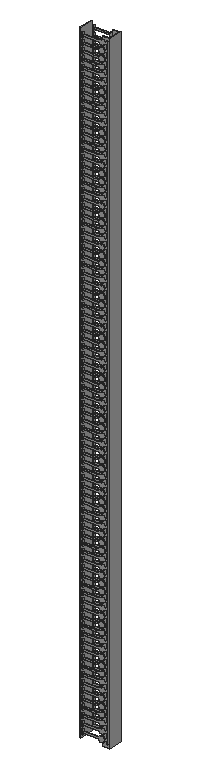
Revit family "ITK by ZPAS_Кабель-органайзер вертикальный_45U", category Обобщенные модели, Revit 2019
Family settings
  Может служить основой для арматурных стержней = Нет
  Размер круглого соединителя = Использовать диаметр
  Тип детали = Нормальный
  На основе рабочей плоскости = Нет
  Всегда вертикально = Да
  При загрузке вырезать с полостями = Нет
  Общий = Нет
  Точка расчета площади = Нет
Parameters (values of type "В1966,9_Серый")
  Ширина = 80 mm  # constant formula
  Степень защиты = ""
  Материал = Окраска - RAL 7035
  Изготовитель = "ITK"  # constant formula
  Дата изменения = ""
  Глубина = 44 mm  # constant formula
  Высота = 1966.9 mm  # constant formula
  Тип монтажа = ""
  URL = "https://www.iek.ru/"
  KSI_CPr_Строительные изделия = "61.1.04.08"  # constant formula
  KSI_CMa_Строительные материалы = "10.03.02.06"  # constant formula
  IEK_Цена за единицу = 16548.28  # constant formula
  IEK_Поиск в таблице имен = ""
  IEK_Описание = "Крепится без инструментов к 19-дюймовым монтажным профилям."
  IEK_URL = "https://www.itk-group.ru/produktsiya/catalog/oborudovanie_telekommunikatsionnoe/kompleksnye_resheniya_dlya_tsod/shkafy_i_aksessuary_dlya_tsod/komplektuyushchie_i_aksessuary_dlya_shkafov_itk_by_zpas/kabelnye_organizatory_itk_by_zpas/itk_by_zpas_kabel_organayzer_vertikalnyy_45u_800mm_seryy"
  ADSK_Примечание = ""
  ADSK_Позиция [instance] = ""
  ADSK_Наименование = "ITK by ZPAS Кабель-органайзер вертикальный 45U 800 серый"
  ADSK_Материал обозначение = ""
  ADSK_Материал наименование = "Листовая сталь"  # constant formula
  ADSK_Масса = 6  # constant formula
  ADSK_Марка = "by ZPAS"  # constant formula
  ADSK_Код изделия = "ZP-CC35-45U-V-0800"
  ADSK_Завод-изготовитель = "IEK"  # constant formula
  ADSK_Единица измерения = "шт"  # constant formula
  ADSK_Группирование = "I. ЩИТЫ И ПУЛЬТЫ"  # constant formula
  ADSK_Версия семейства = "1.0"  # constant formula
  ADSK_Версия Revit = "2019"  # constant formula
  ADSK_URL страницы изделия = "https://www.itk-group.ru/produktsiya/catalog/oborudovanie_telekommunikatsionnoe/kompleksnye_resheniya_dlya_tsod/shkafy_i_aksessuary_dlya_tsod/komplektuyushchie_i_aksessuary_dlya_shkafov_itk_by_zpas/kreplenie_itk_by_zpas/"
Reference planes
  plane 1 "По центру (Вперед/Назад)": y = 0
  plane 2: z = 0
  plane 3 "По центру (Влево/Вправо)": x = 0
  plane 4: z = 2066.9
  plane 5: y = -44.063
  plane 6: x = -45.46
  plane 7: x = 45.46
Forms (mm)
  Extrusion 1, solid, material "Окраска - RAL 7035" <- "Материал", detail levels fine
    sketch origin (20, -38.063, 0) x (1, 0, 0) y (0, 1, 0)
      loop
        line (23.43, 34.085) -> (23.43, -2.022) -> (3.43, -2.022) -> (3.43, -3.968) -> (25.46, -3.968) -> (25.46, 36.032) -> (3.43, 36.032) -> (3.43, 34.085) -> (23.43, 34.085)
      loop
        line (-65.46, 34.085) -> (-65.46, -6) -> (-63.43, -6) -> (-63.43, 38.063) -> (-65.46, 38.063) -> (-65.46, 34.085)
    from 0 to 1966.9 <- "Высота"
  Extrusion 2, solid, material "Условный материал-отделка", detail levels coarse+medium
    sketch origin (0, 0, 0) x (1, 0, 0) y (0, 1, 0)
      loop
        line (-45.46, 0) -> (-45.46, -44.063) -> (45.46, -44.063) -> (45.46, 0) -> (-45.46, 0)
    from 0 to 1966.9 <- "Высота"
  Extrusion 3, solid, material "Окраска - RAL 7035" <- "Материал", detail levels fine
    sketch origin (26.57, -38.063, 0) x (1, 0, 0) y (0, 0, 1)
      loop
        line (-13.537, 1951.9) -> (-63.537, 1951.9) -> (-63.537, 1956.9) -> (-70, 1956.9) -> (-70, 1941.9) -> (-63.537, 1941.9) -> (-63.537, 1946.9) -> (-13.537, 1946.9) -> (-10, 1941.9) -> (0, 1941.9) -> (3.537, 1946.9) -> (10, 1946.9) -> (10, 1929.172) -> (3.537, 1929.172) -> (0, 1934.172) -> (-10, 1934.172) -> (-13.537, 1929.172) -> (-63.537, 1929.172) -> (-63.537, 1934.172) -> (-70, 1934.172) -> (-70, 1919.172) -> (-63.537, 1919.172) -> (-63.537, 1924.172) -> (-13.537, 1924.172) -> (-10, 1919.172) -> (0, 1919.172) -> (3.537, 1924.172) -> (10, 1924.172) -> (10, 1906.444) -> (3.537, 1906.444) -> (0, 1911.444) -> (-10, 1911.444) -> (-13.537, 1906.444) -> (-63.537, 1906.444) -> (-63.537, 1911.444) -> (-70, 1911.444) -> (-70, 1896.444) -> (-63.537, 1896.444) -> (-63.537, 1901.444) -> (-13.537, 1901.444) -> (-10, 1896.444) -> (0, 1896.444) -> (3.537, 1901.444) -> (10, 1901.444) -> (10, 1883.715) -> (3.537, 1883.715) -> (0, 1888.715) -> (-10, 1888.715) -> (-13.537, 1883.715) -> (-63.537, 1883.715) -> (-63.537, 1888.715) -> (-70, 1888.715) -> (-70, 1873.715) -> (-63.537, 1873.715) -> (-63.537, 1878.715) -> (-13.537, 1878.715) -> (-10, 1873.715) -> (0, 1873.715) -> (3.537, 1878.715) -> (10, 1878.715) -> (10, 1860.987) -> (3.537, 1860.987) -> (0, 1865.987) -> (-10, 1865.987) -> (-13.537, 1860.987) -> (-63.537, 1860.987) -> (-63.537, 1865.987) -> (-70, 1865.987) -> (-70, 1850.987) -> (-63.537, 1850.987) -> (-63.537, 1855.987) -> (-13.537, 1855.987) -> (-10, 1850.987) -> (0, 1850.987) -> (3.537, 1855.987) -> (10, 1855.987) -> (10, 1838.259) -> (3.537, 1838.259) -> (0, 1843.259) -> (-10, 1843.259) -> (-13.537, 1838.259) -> (-63.537, 1838.259) -> (-63.537, 1843.259) -> (-70, 1843.259) -> (-70, 1828.259) -> (-63.537, 1828.259) -> (-63.537, 1833.259) -> (-13.537, 1833.259) -> (-10, 1828.259) -> (0, 1828.259) -> (3.537, 1833.259) -> (10, 1833.259) -> (10, 1815.531) -> (3.537, 1815.531) -> (0, 1820.531) -> (-10, 1820.531) -> (-13.537, 1815.531) -> (-63.537, 1815.531) -> (-63.537, 1820.531) -> (-70, 1820.531) -> (-70, 1805.531) -> (-63.537, 1805.531) -> (-63.537, 1810.531) -> (-13.537, 1810.531) -> (-10, 1805.531) -> (0, 1805.531) -> (3.537, 1810.531) -> (10, 1810.531) -> (10, 1792.802) -> (3.537, 1792.802) -> (0, 1797.802) -> (-10, 1797.802) -> (-13.537, 1792.802) -> (-63.537, 1792.802) -> (-63.537, 1797.802) -> (-70, 1797.802) -> (-70, 1782.802) -> (-63.537, 1782.802) -> (-63.537, 1787.802) -> (-13.537, 1787.802) -> (-10, 1782.802) -> (0, 1782.802) -> (3.537, 1787.802) -> (10, 1787.802) -> (10, 1770.074) -> (3.537, 1770.074) -> (0, 1775.074) -> (-10, 1775.074) -> (-13.537, 1770.074) -> (-63.537, 1770.074) -> (-63.537, 1775.074) -> (-70, 1775.074) -> (-70, 1760.074) -> (-63.537, 1760.074) -> (-63.537, 1765.074) -> (-13.537, 1765.074) -> (-10, 1760.074) -> (0, 1760.074) -> (3.537, 1765.074) -> (10, 1765.074) -> (10, 1747.346) -> (3.537, 1747.346) -> (0, 1752.346) -> (-10, 1752.346) -> (-13.537, 1747.346) -> (-63.537, 1747.346) -> (-63.537, 1752.346) -> (-70, 1752.346) -> (-70, 1737.346) -> (-63.537, 1737.346) -> (-63.537, 1742.346) -> (-13.537, 1742.346) -> (-10, 1737.346) -> (0, 1737.346) -> (3.537, 1742.346) -> (10, 1742.346) -> (10, 1724.618) -> (3.537, 1724.618) -> (0, 1729.618) -> (-10, 1729.618) -> (-13.537, 1724.618) -> (-63.537, 1724.618) -> (-63.537, 1729.618) -> (-70, 1729.618) -> (-70, 1714.618) -> (-63.537, 1714.618) -> (-63.537, 1719.618) -> (-13.537, 1719.618) -> (-10, 1714.618) -> (0, 1714.618) -> (3.537, 1719.618) -> (10, 1719.618) -> (10, 1701.889) -> (3.537, 1701.889) -> (0, 1706.889) -> (-10, 1706.889) -> (-13.537, 1701.889) -> (-63.537, 1701.889) -> (-63.537, 1706.889) -> (-70, 1706.889) -> (-70, 1691.889) -> (-63.537, 1691.889) -> (-63.537, 1696.889) -> (-13.537, 1696.889) -> (-10, 1691.889) -> (0, 1691.889) -> (3.537, 1696.889) -> (10, 1696.889) -> (10, 1679.161) -> (3.537, 1679.161) -> (0, 1684.161) -> (-10, 1684.161) -> (-13.537, 1679.161) -> (-63.537, 1679.161) -> (-63.537, 1684.161) -> (-70, 1684.161) -> (-70, 1669.161) -> (-63.537, 1669.161) -> (-63.537, 1674.161) -> (-13.537, 1674.161) -> (-10, 1669.161) -> (0, 1669.161) -> (3.537, 1674.161) -> (10, 1674.161) -> (10, 1656.433) -> (3.537, 1656.433) -> (0, 1661.433) -> (-10, 1661.433) -> (-13.537, 1656.433) -> (-63.537, 1656.433) -> (-63.537, 1661.433) -> (-70, 1661.433) -> (-70, 1646.433) -> (-63.537, 1646.433) -> (-63.537, 1651.433) -> (-13.537, 1651.433) -> (-10, 1646.433) -> (0, 1646.433) -> (3.537, 1651.433) -> (10, 1651.433) -> (10, 1633.705) -> (3.537, 1633.705) -> (0, 1638.705) -> (-10, 1638.705) -> (-13.537, 1633.705) -> (-63.537, 1633.705) -> (-63.537, 1638.705) -> (-70, 1638.705) -> (-70, 1623.705) -> (-63.537, 1623.705) -> (-63.537, 1628.705) -> (-13.537, 1628.705) -> (-10, 1623.705) -> (0, 1623.705) -> (3.537, 1628.705) -> (10, 1628.705) -> (10, 1610.976) -> (3.537, 1610.976) -> (0, 1615.976) -> (-10, 1615.976) -> (-13.537, 1610.976) -> (-63.537, 1610.976) -> (-63.537, 1615.976) -> (-70, 1615.976) -> (-70, 1600.976) -> (-63.537, 1600.976) -> (-63.537, 1605.976) -> (-13.537, 1605.976) -> (-10, 1600.976) -> (0, 1600.976) -> (3.537, 1605.976) -> (10, 1605.976) -> (10, 1588.248) -> (3.537, 1588.248) -> (0, 1593.248) -> (-10, 1593.248) -> (-13.537, 1588.248) -> (-63.537, 1588.248) -> (-63.537, 1593.248) -> (-70, 1593.248) -> (-70, 1578.248) -> (-63.537, 1578.248) -> (-63.537, 1583.248) -> (-13.537, 1583.248) -> (-10, 1578.248) -> (0, 1578.248) -> (3.537, 1583.248) -> (10, 1583.248) -> (10, 1565.52) -> (3.537, 1565.52) -> (0, 1570.52) -> (-10, 1570.52) -> (-13.537, 1565.52) -> (-63.537, 1565.52) -> (-63.537, 1570.52) -> (-70, 1570.52) -> (-70, 1555.52) -> (-63.537, 1555.52) -> (-63.537, 1560.52) -> (-13.537, 1560.52) -> (-10, 1555.52) -> (0, 1555.52) -> (3.537, 1560.52) -> (10, 1560.52) -> (10, 1542.792) -> (3.537, 1542.792) -> (0, 1547.792) -> (-10, 1547.792) -> (-13.537, 1542.792) -> (-63.537, 1542.792) -> (-63.537, 1547.792) -> (-70, 1547.792) -> (-70, 1532.792) -> (-63.537, 1532.792) -> (-63.537, 1537.792) -> (-13.537, 1537.792) -> (-10, 1532.792) -> (0, 1532.792) -> (3.537, 1537.792) -> (10, 1537.792) -> (10, 1520.064) -> (3.537, 1520.064) -> (0, 1525.064) -> (-10, 1525.064) -> (-13.537, 1520.064) -> (-63.537, 1520.064) -> (-63.537, 1525.064) -> (-70, 1525.064) -> (-70, 1510.064) -> (-63.537, 1510.064) -> (-63.537, 1515.064) -> (-13.537, 1515.064) -> (-10, 1510.064) -> (0, 1510.064) -> (3.537, 1515.064) -> (10, 1515.064) -> (10, 1497.335) -> (3.537, 1497.335) -> (0, 1502.335) -> (-10, 1502.335) -> (-13.537, 1497.335) -> (-63.537, 1497.335) -> (-63.537, 1502.335) -> (-70, 1502.335) -> (-70, 1487.335) -> (-63.537, 1487.335) -> (-63.537, 1492.335) -> (-13.537, 1492.335) -> (-10, 1487.335) -> (0, 1487.335) -> (3.537, 1492.335) -> (10, 1492.335) -> (10, 1474.607) -> (3.537, 1474.607) -> (0, 1479.607) -> (-10, 1479.607) -> (-13.537, 1474.607) -> (-63.537, 1474.607) -> (-63.537, 1479.607) -> (-70, 1479.607) -> (-70, 1464.607) -> (-63.537, 1464.607) -> (-63.537, 1469.607) -> (-13.537, 1469.607) -> (-10, 1464.607) -> (0, 1464.607) -> (3.537, 1469.607) -> (10, 1469.607) -> (10, 1451.879) -> (3.537, 1451.879) -> (0, 1456.879) -> (-10, 1456.879) -> (-13.537, 1451.879) -> (-63.537, 1451.879) -> (-63.537, 1456.879) -> (-70, 1456.879) -> (-70, 1441.879) -> (-63.537, 1441.879) -> (-63.537, 1446.879) -> (-13.537, 1446.879) -> (-10, 1441.879) -> (0, 1441.879) -> (3.537, 1446.879) -> (10, 1446.879) -> (10, 1429.151) -> (3.537, 1429.151) -> (0, 1434.151) -> (-10, 1434.151) -> (-13.537, 1429.151) -> (-63.537, 1429.151) -> (-63.537, 1434.151) -> (-70, 1434.151) -> (-70, 1419.151) -> (-63.537, 1419.151) -> (-63.537, 1424.151) -> (-13.537, 1424.151) -> (-10, 1419.151) -> (0, 1419.151) -> (3.537, 1424.151) -> (10, 1424.151) -> (10, 1406.422) -> (3.537, 1406.422) -> (0, 1411.422) -> (-10, 1411.422) -> (-13.537, 1406.422) -> (-63.537, 1406.422) -> (-63.537, 1411.422) -> (-70, 1411.422) -> (-70, 1396.422) -> (-63.537, 1396.422) -> (-63.537, 1401.422) -> (-13.537, 1401.422) -> (-10, 1396.422) -> (0, 1396
          .422) -> (3.537, 1401.422) -> (10, 1401.422) -> (10, 1383.694) -> (3.537, 1383.694) -> (0, 1388.694) -> (-10, 1388.694) -> (-13.537, 1383.694) -> (-63.537, 1383.694) -> (-63.537, 1388.694) -> (-70, 1388.694) -> (-70, 1373.694) -> (-63.537, 1373.694) -> (-63.537, 1378.694) -> (-13.537, 1378.694) -> (-10, 1373.694) -> (0, 1373.694) -> (3.537, 1378.694) -> (10, 1378.694) -> (10, 1360.966) -> (3.537, 1360.966) -> (0, 1365.966) -> (-10, 1365.966) -> (-13.537, 1360.966) -> (-63.537, 1360.966) -> (-63.537, 1365.966) -> (-70, 1365.966) -> (-70, 1350.966) -> (-63.537, 1350.966) -> (-63.537, 1355.966) -> (-13.537, 1355.966) -> (-10, 1350.966) -> (0, 1350.966) -> (3.537, 1355.966) -> (10, 1355.966) -> (10, 1338.238) -> (3.537, 1338.238) -> (0, 1343.238) -> (-10, 1343.238) -> (-13.537, 1338.238) -> (-63.537, 1338.238) -> (-63.537, 1343.238) -> (-70, 1343.238) -> (-70, 1328.238) -> (-63.537, 1328.238) -> (-63.537, 1333.238) -> (-13.537, 1333.238) -> (-10, 1328.238) -> (0, 1328.238) -> (3.537, 1333.238) -> (10, 1333.238) -> (10, 1315.509) -> (3.537, 1315.509) -> (0, 1320.509) -> (-10, 1320.509) -> (-13.537, 1315.509) -> (-63.537, 1315.509) -> (-63.537, 1320.509) -> (-70, 1320.509) -> (-70, 1305.509) -> (-63.537, 1305.509) -> (-63.537, 1310.509) -> (-13.537, 1310.509) -> (-10, 1305.509) -> (0, 1305.509) -> (3.537, 1310.509) -> (10, 1310.509) -> (10, 1292.781) -> (3.537, 1292.781) -> (0, 1297.781) -> (-10, 1297.781) -> (-13.537, 1292.781) -> (-63.537, 1292.781) -> (-63.537, 1297.781) -> (-70, 1297.781) -> (-70, 1282.781) -> (-63.537, 1282.781) -> (-63.537, 1287.781) -> (-13.537, 1287.781) -> (-10, 1282.781) -> (0, 1282.781) -> (3.537, 1287.781) -> (10, 1287.781) -> (10, 1270.053) -> (3.537, 1270.053) -> (0, 1275.053) -> (-10, 1275.053) -> (-13.537, 1270.053) -> (-63.537, 1270.053) -> (-63.537, 1275.053) -> (-70, 1275.053) -> (-70, 1260.053) -> (-63.537, 1260.053) -> (-63.537, 1265.053) -> (-13.537, 1265.053) -> (-10, 1260.053) -> (0, 1260.053) -> (3.537, 1265.053) -> (10, 1265.053) -> (10, 1247.325) -> (3.537, 1247.325) -> (0, 1252.325) -> (-10, 1252.325) -> (-13.537, 1247.325) -> (-63.537, 1247.325) -> (-63.537, 1252.325) -> (-70, 1252.325) -> (-70, 1237.325) -> (-63.537, 1237.325) -> (-63.537, 1242.325) -> (-13.537, 1242.325) -> (-10, 1237.325) -> (0, 1237.325) -> (3.537, 1242.325) -> (10, 1242.325) -> (10, 1224.596) -> (3.537, 1224.596) -> (0, 1229.596) -> (-10, 1229.596) -> (-13.537, 1224.596) -> (-63.537, 1224.596) -> (-63.537, 1229.596) -> (-70, 1229.596) -> (-70, 1214.596) -> (-63.537, 1214.596) -> (-63.537, 1219.596) -> (-13.537, 1219.596) -> (-10, 1214.596) -> (0, 1214.596) -> (3.537, 1219.596) -> (10, 1219.596) -> (10, 1201.868) -> (3.537, 1201.868) -> (0, 1206.868) -> (-10, 1206.868) -> (-13.537, 1201.868) -> (-63.537, 1201.868) -> (-63.537, 1206.868) -> (-70, 1206.868) -> (-70, 1191.868) -> (-63.537, 1191.868) -> (-63.537, 1196.868) -> (-13.537, 1196.868) -> (-10, 1191.868) -> (0, 1191.868) -> (3.537, 1196.868) -> (10, 1196.868) -> (10, 1179.14) -> (3.537, 1179.14) -> (0, 1184.14) -> (-10, 1184.14) -> (-13.537, 1179.14) -> (-63.537, 1179.14) -> (-63.537, 1184.14) -> (-70, 1184.14) -> (-70, 1169.14) -> (-63.537, 1169.14) -> (-63.537, 1174.14) -> (-13.537, 1174.14) -> (-10, 1169.14) -> (0, 1169.14) -> (3.537, 1174.14) -> (10, 1174.14) -> (10, 1156.412) -> (3.537, 1156.412) -> (0, 1161.412) -> (-10, 1161.412) -> (-13.537, 1156.412) -> (-63.537, 1156.412) -> (-63.537, 1161.412) -> (-70, 1161.412) -> (-70, 1146.412) -> (-63.537, 1146.412) -> (-63.537, 1151.412) -> (-13.537, 1151.412) -> (-10, 1146.412) -> (0, 1146.412) -> (3.537, 1151.412) -> (10, 1151.412) -> (10, 1133.684) -> (3.537, 1133.684) -> (0, 1138.684) -> (-10, 1138.684) -> (-13.537, 1133.684) -> (-63.537, 1133.684) -> (-63.537, 1138.684) -> (-70, 1138.684) -> (-70, 1123.684) -> (-63.537, 1123.684) -> (-63.537, 1128.684) -> (-13.537, 1128.684) -> (-10, 1123.684) -> (0, 1123.684) -> (3.537, 1128.684) -> (10, 1128.684) -> (10, 1110.955) -> (3.537, 1110.955) -> (0, 1115.955) -> (-10, 1115.955) -> (-13.537, 1110.955) -> (-63.537, 1110.955) -> (-63.537, 1115.955) -> (-70, 1115.955) -> (-70, 1100.955) -> (-63.537, 1100.955) -> (-63.537, 1105.955) -> (-13.537, 1105.955) -> (-10, 1100.955) -> (0, 1100.955) -> (3.537, 1105.955) -> (10, 1105.955) -> (10, 1088.227) -> (3.537, 1088.227) -> (0, 1093.227) -> (-10, 1093.227) -> (-13.537, 1088.227) -> (-63.537, 1088.227) -> (-63.537, 1093.227) -> (-70, 1093.227) -> (-70, 1078.227) -> (-63.537, 1078.227) -> (-63.537, 1083.227) -> (-13.537, 1083.227) -> (-10, 1078.227) -> (0, 1078.227) -> (3.537, 1083.227) -> (10, 1083.227) -> (10, 1065.499) -> (3.537, 1065.499) -> (0, 1070.499) -> (-10, 1070.499) -> (-13.537, 1065.499) -> (-63.537, 1065.499) -> (-63.537, 1070.499) -> (-70, 1070.499) -> (-70, 1055.499) -> (-63.537, 1055.499) -> (-63.537, 1060.499) -> (-13.537, 1060.499) -> (-10, 1055.499) -> (0, 1055.499) -> (3.537, 1060.499) -> (10, 1060.499) -> (10, 1042.771) -> (3.537, 1042.771) -> (0, 1047.771) -> (-10, 1047.771) -> (-13.537, 1042.771) -> (-63.537, 1042.771) -> (-63.537, 1047.771) -> (-70, 1047.771) -> (-70, 1032.771) -> (-63.537, 1032.771) -> (-63.537, 1037.771) -> (-13.537, 1037.771) -> (-10, 1032.771) -> (0, 1032.771) -> (3.537, 1037.771) -> (10, 1037.771) -> (10, 1020.042) -> (3.537, 1020.042) -> (0, 1025.042) -> (-10, 1025.042) -> (-13.537, 1020.042) -> (-63.537, 1020.042) -> (-63.537, 1025.042) -> (-70, 1025.042) -> (-70, 1010.042) -> (-63.537, 1010.042) -> (-63.537, 1015.042) -> (-13.537, 1015.042) -> (-10, 1010.042) -> (0, 1010.042) -> (3.537, 1015.042) -> (10, 1015.042) -> (10, 997.314) -> (3.537, 997.314) -> (0, 1002.314) -> (-10, 1002.314) -> (-13.537, 997.314) -> (-63.537, 997.314) -> (-63.537, 1002.314) -> (-70, 1002.314) -> (-70, 987.314) -> (-63.537, 987.314) -> (-63.537, 992.314) -> (-13.537, 992.314) -> (-10, 987.314) -> (0, 987.314) -> (3.537, 992.314) -> (10, 992.314) -> (10, 974.586) -> (3.537, 974.586) -> (0, 979.586) -> (-10, 979.586) -> (-13.537, 974.586) -> (-63.537, 974.586) -> (-63.537, 979.586) -> (-70, 979.586) -> (-70, 964.586) -> (-63.537, 964.586) -> (-63.537, 969.586) -> (-13.537, 969.586) -> (-10, 964.586) -> (0, 964.586) -> (3.537, 969.586) -> (10, 969.586) -> (10, 951.858) -> (3.537, 951.858) -> (0, 956.858) -> (-10, 956.858) -> (-13.537, 951.858) -> (-63.537, 951.858) -> (-63.537, 956.858) -> (-70, 956.858) -> (-70, 941.858) -> (-63.537, 941.858) -> (-63.537, 946.858) -> (-13.537, 946.858) -> (-10, 941.858) -> (0, 941.858) -> (3.537, 946.858) -> (10, 946.858) -> (10, 929.129) -> (3.537, 929.129) -> (0, 934.129) -> (-10, 934.129) -> (-13.537, 929.129) -> (-63.537, 929.129) -> (-63.537, 934.129) -> (-70, 934.129) -> (-70, 919.129) -> (-63.537, 919.129) -> (-63.537, 924.129) -> (-13.537, 924.129) -> (-10, 919.129) -> (0, 919.129) -> (3.537, 924.129) -> (10, 924.129) -> (10, 906.401) -> (3.537, 906.401) -> (0, 911.401) -> (-10, 911.401) -> (-13.537, 906.401) -> (-63.537, 906.401) -> (-63.537, 911.401) -> (-70, 911.401) -> (-70, 896.401) -> (-63.537, 896.401) -> (-63.537, 901.401) -> (-13.537, 901.401) -> (-10, 896.401) -> (0, 896.401) -> (3.537, 901.401) -> (10, 901.401) -> (10, 883.673) -> (3.537, 883.673) -> (0, 888.673) -> (-10, 888.673) -> (-13.537, 883.673) -> (-63.537, 883.673) -> (-63.537, 888.673) -> (-70, 888.673) -> (-70, 873.673) -> (-63.537, 873.673) -> (-63.537, 878.673) -> (-13.537, 878.673) -> (-10, 873.673) -> (0, 873.673) -> (3.537, 878.673) -> (10, 878.673) -> (10, 860.945) -> (3.537, 860.945) -> (0, 865.945) -> (-10, 865.945) -> (-13.537, 860.945) -> (-63.537, 860.945) -> (-63.537, 865.945) -> (-70, 865.945) -> (-70, 850.945) -> (-63.537, 850.945) -> (-63.537, 855.945) -> (-13.537, 855.945) -> (-10, 850.945) -> (0, 850.945) -> (3.537, 855.945) -> (10, 855.945) -> (10, 838.216) -> (3.537, 838.216) -> (0, 843.216) -> (-10, 843.216) -> (-13.537, 838.216) -> (-63.537, 838.216) -> (-63.537, 843.216) -> (-70, 843.216) -> (-70, 828.216) -> (-63.537, 828.216) -> (-63.537, 833.216) -> (-13.537, 833.216) -> (-10, 828.216
          ) -> (0, 828.216) -> (3.537, 833.216) -> (10, 833.216) -> (10, 815.488) -> (3.537, 815.488) -> (0, 820.488) -> (-10, 820.488) -> (-13.537, 815.488) -> (-63.537, 815.488) -> (-63.537, 820.488) -> (-70, 820.488) -> (-70, 805.488) -> (-63.537, 805.488) -> (-63.537, 810.488) -> (-13.537, 810.488) -> (-10, 805.488) -> (0, 805.488) -> (3.537, 810.488) -> (10, 810.488) -> (10, 792.76) -> (3.537, 792.76) -> (0, 797.76) -> (-10, 797.76) -> (-13.537, 792.76) -> (-63.537, 792.76) -> (-63.537, 797.76) -> (-70, 797.76) -> (-70, 782.76) -> (-63.537, 782.76) -> (-63.537, 787.76) -> (-13.537, 787.76) -> (-10, 782.76) -> (0, 782.76) -> (3.537, 787.76) -> (10, 787.76) -> (10, 770.032) -> (3.537, 770.032) -> (0, 775.032) -> (-10, 775.032) -> (-13.537, 770.032) -> (-63.537, 770.032) -> (-63.537, 775.032) -> (-70, 775.032) -> (-70, 760.032) -> (-63.537, 760.032) -> (-63.537, 765.032) -> (-13.537, 765.032) -> (-10, 760.032) -> (0, 760.032) -> (3.537, 765.032) -> (10, 765.032) -> (10, 747.304) -> (3.537, 747.304) -> (0, 752.304) -> (-10, 752.304) -> (-13.537, 747.304) -> (-63.537, 747.304) -> (-63.537, 752.304) -> (-70, 752.304) -> (-70, 737.304) -> (-63.537, 737.304) -> (-63.537, 742.304) -> (-13.537, 742.304) -> (-10, 737.304) -> (0, 737.304) -> (3.537, 742.304) -> (10, 742.304) -> (10, 724.575) -> (3.537, 724.575) -> (0, 729.575) -> (-10, 729.575) -> (-13.537, 724.575) -> (-63.537, 724.575) -> (-63.537, 729.575) -> (-70, 729.575) -> (-70, 714.575) -> (-63.537, 714.575) -> (-63.537, 719.575) -> (-13.537, 719.575) -> (-10, 714.575) -> (0, 714.575) -> (3.537, 719.575) -> (10, 719.575) -> (10, 701.847) -> (3.537, 701.847) -> (0, 706.847) -> (-10, 706.847) -> (-13.537, 701.847) -> (-63.537, 701.847) -> (-63.537, 706.847) -> (-70, 706.847) -> (-70, 691.847) -> (-63.537, 691.847) -> (-63.537, 696.847) -> (-13.537, 696.847) -> (-10, 691.847) -> (0, 691.847) -> (3.537, 696.847) -> (10, 696.847) -> (10, 679.119) -> (3.537, 679.119) -> (0, 684.119) -> (-10, 684.119) -> (-13.537, 679.119) -> (-63.537, 679.119) -> (-63.537, 684.119) -> (-70, 684.119) -> (-70, 669.119) -> (-63.537, 669.119) -> (-63.537, 674.119) -> (-13.537, 674.119) -> (-10, 669.119) -> (0, 669.119) -> (3.537, 674.119) -> (10, 674.119) -> (10, 656.391) -> (3.537, 656.391) -> (0, 661.391) -> (-10, 661.391) -> (-13.537, 656.391) -> (-63.537, 656.391) -> (-63.537, 661.391) -> (-70, 661.391) -> (-70, 646.391) -> (-63.537, 646.391) -> (-63.537, 651.391) -> (-13.537, 651.391) -> (-10, 646.391) -> (0, 646.391) -> (3.537, 651.391) -> (10, 651.391) -> (10, 633.662) -> (3.537, 633.662) -> (0, 638.662) -> (-10, 638.662) -> (-13.537, 633.662) -> (-63.537, 633.662) -> (-63.537, 638.662) -> (-70, 638.662) -> (-70, 623.662) -> (-63.537, 623.662) -> (-63.537, 628.662) -> (-13.537, 628.662) -> (-10, 623.662) -> (0, 623.662) -> (3.537, 628.662) -> (10, 628.662) -> (10, 610.934) -> (3.537, 610.934) -> (0, 615.934) -> (-10, 615.934) -> (-13.537, 610.934) -> (-63.537, 610.934) -> (-63.537, 615.934) -> (-70, 615.934) -> (-70, 600.934) -> (-63.537, 600.934) -> (-63.537, 605.934) -> (-13.537, 605.934) -> (-10, 600.934) -> (0, 600.934) -> (3.537, 605.934) -> (10, 605.934) -> (10, 588.206) -> (3.537, 588.206) -> (0, 593.206) -> (-10, 593.206) -> (-13.537, 588.206) -> (-63.537, 588.206) -> (-63.537, 593.206) -> (-70, 593.206) -> (-70, 578.206) -> (-63.537, 578.206) -> (-63.537, 583.206) -> (-13.537, 583.206) -> (-10, 578.206) -> (0, 578.206) -> (3.537, 583.206) -> (10, 583.206) -> (10, 565.478) -> (3.537, 565.478) -> (0, 570.478) -> (-10, 570.478) -> (-13.537, 565.478) -> (-63.537, 565.478) -> (-63.537, 570.478) -> (-70, 570.478) -> (-70, 555.478) -> (-63.537, 555.478) -> (-63.537, 560.478) -> (-13.537, 560.478) -> (-10, 555.478) -> (0, 555.478) -> (3.537, 560.478) -> (10, 560.478) -> (10, 542.749) -> (3.537, 542.749) -> (0, 547.749) -> (-10, 547.749) -> (-13.537, 542.749) -> (-63.537, 542.749) -> (-63.537, 547.749) -> (-70, 547.749) -> (-70, 532.749) -> (-63.537, 532.749) -> (-63.537, 537.749) -> (-13.537, 537.749) -> (-10, 532.749) -> (0, 532.749) -> (3.537, 537.749) -> (10, 537.749) -> (10, 520.021) -> (3.537, 520.021) -> (0, 525.021) -> (-10, 525.021) -> (-13.537, 520.021) -> (-63.537, 520.021) -> (-63.537, 525.021) -> (-70, 525.021) -> (-70, 510.021) -> (-63.537, 510.021) -> (-63.537, 515.021) -> (-13.537, 515.021) -> (-10, 510.021) -> (0, 510.021) -> (3.537, 515.021) -> (10, 515.021) -> (10, 497.293) -> (3.537, 497.293) -> (0, 502.293) -> (-10, 502.293) -> (-13.537, 497.293) -> (-63.537, 497.293) -> (-63.537, 502.293) -> (-70, 502.293) -> (-70, 487.293) -> (-63.537, 487.293) -> (-63.537, 492.293) -> (-13.537, 492.293) -> (-10, 487.293) -> (0, 487.293) -> (3.537, 492.293) -> (10, 492.293) -> (10, 474.565) -> (3.537, 474.565) -> (0, 479.565) -> (-10, 479.565) -> (-13.537, 474.565) -> (-63.537, 474.565) -> (-63.537, 479.565) -> (-70, 479.565) -> (-70, 464.565) -> (-63.537, 464.565) -> (-63.537, 469.565) -> (-13.537, 469.565) -> (-10, 464.565) -> (0, 464.565) -> (3.537, 469.565) -> (10, 469.565) -> (10, 451.836) -> (3.537, 451.836) -> (0, 456.836) -> (-10, 456.836) -> (-13.537, 451.836) -> (-63.537, 451.836) -> (-63.537, 456.836) -> (-70, 456.836) -> (-70, 441.836) -> (-63.537, 441.836) -> (-63.537, 446.836) -> (-13.537, 446.836) -> (-10, 441.836) -> (0, 441.836) -> (3.537, 446.836) -> (10, 446.836) -> (10, 429.108) -> (3.537, 429.108) -> (0, 434.108) -> (-10, 434.108) -> (-13.537, 429.108) -> (-63.537, 429.108) -> (-63.537, 434.108) -> (-70, 434.108) -> (-70, 419.108) -> (-63.537, 419.108) -> (-63.537, 424.108) -> (-13.537, 424.108) -> (-10, 419.108) -> (0, 419.108) -> (3.537, 424.108) -> (10, 424.108) -> (10, 406.38) -> (3.537, 406.38) -> (0, 411.38) -> (-10, 411.38) -> (-13.537, 406.38) -> (-63.537, 406.38) -> (-63.537, 411.38) -> (-70, 411.38) -> (-70, 396.38) -> (-63.537, 396.38) -> (-63.537, 401.38) -> (-13.537, 401.38) -> (-10, 396.38) -> (0, 396.38) -> (3.537, 401.38) -> (10, 401.38) -> (10, 383.652) -> (3.537, 383.652) -> (0, 388.652) -> (-10, 388.652) -> (-13.537, 383.652) -> (-63.537, 383.652) -> (-63.537, 388.652) -> (-70, 388.652) -> (-70, 373.652) -> (-63.537, 373.652) -> (-63.537, 378.652) -> (-13.537, 378.652) -> (-10, 373.652) -> (0, 373.652) -> (3.537, 378.652) -> (10, 378.652) -> (10, 360.924) -> (3.537, 360.924) -> (0, 365.924) -> (-10, 365.924) -> (-13.537, 360.924) -> (-63.537, 360.924) -> (-63.537, 365.924) -> (-70, 365.924) -> (-70, 350.924) -> (-63.537, 350.924) -> (-63.537, 355.924) -> (-13.537, 355.924) -> (-10, 350.924) -> (0, 350.924) -> (3.537, 355.924) -> (10, 355.924) -> (10, 338.195) -> (3.537, 338.195) -> (0, 343.195) -> (-10, 343.195) -> (-13.537, 338.195) -> (-63.537, 338.195) -> (-63.537, 343.195) -> (-70, 343.195) -> (-70, 328.195) -> (-63.537, 328.195) -> (-63.537, 333.195) -> (-13.537, 333.195) -> (-10, 328.195) -> (0, 328.195) -> (3.537, 333.195) -> (10, 333.195) -> (10, 315.467) -> (3.537, 315.467) -> (0, 320.467) -> (-10, 320.467) -> (-13.537, 315.467) -> (-63.537, 315.467) -> (-63.537, 320.467) -> (-70, 320.467) -> (-70, 305.467) -> (-63.537, 305.467) -> (-63.537, 310.467) -> (-13.537, 310.467) -> (-10, 305.467) -> (0, 305.467) -> (3.537, 310.467) -> (10, 310.467) -> (10, 292.739) -> (3.537, 292.739) -> (0, 297.739) -> (-10, 297.739) -> (-13.537, 292.739) -> (-63.537, 292.739) -> (-63.537, 297.739) -> (-70, 297.739) -> (-70, 282.739) -> (-63.537, 282.739) -> (-63.537, 287.739) -> (-13.537, 287.739) -> (-10, 282.739) -> (0, 282.739) -> (3.537, 287.739) -> (10, 287.739) -> (10, 270.011) -> (3.537, 270.011) -> (0, 275.011) -> (-10, 275.011) -> (-13.537, 270.011) -> (-63.537, 270.011) -> (-63.537, 275.011) -> (-70, 275.011) -> (-70, 260.011) -> (-63.537, 260.011) -> (-63.537, 265.011) -> (-13.537, 265.011) -> (-10, 260.011) -> (0, 260.011) -> (3.537, 265.011) -> (10, 265.011) -> (10, 247.282) -> (3.537, 247.282) -> (0, 252.282) -> (-10, 252.282) -> (-13.537, 247.282) -> (-63.537, 247.282) -> (-63.537, 252.282) -> (-70, 252.282) -> (-70, 237.282) -> (-63.537, 237.282) -> (-63.537, 242.282) -> (-13.53
          7, 242.282) -> (-10, 237.282) -> (0, 237.282) -> (3.537, 242.282) -> (10, 242.282) -> (10, 224.554) -> (3.537, 224.554) -> (0, 229.554) -> (-10, 229.554) -> (-13.537, 224.554) -> (-63.537, 224.554) -> (-63.537, 229.554) -> (-70, 229.554) -> (-70, 214.554) -> (-63.537, 214.554) -> (-63.537, 219.554) -> (-13.537, 219.554) -> (-10, 214.554) -> (0, 214.554) -> (3.537, 219.554) -> (10, 219.554) -> (10, 201.826) -> (3.537, 201.826) -> (0, 206.826) -> (-10, 206.826) -> (-13.537, 201.826) -> (-63.537, 201.826) -> (-63.537, 206.826) -> (-70, 206.826) -> (-70, 191.826) -> (-63.537, 191.826) -> (-63.537, 196.826) -> (-13.537, 196.826) -> (-10, 191.826) -> (0, 191.826) -> (3.537, 196.826) -> (10, 196.826) -> (10, 179.098) -> (3.537, 179.098) -> (0, 184.098) -> (-10, 184.098) -> (-13.537, 179.098) -> (-63.537, 179.098) -> (-63.537, 184.098) -> (-70, 184.098) -> (-70, 169.098) -> (-63.537, 169.098) -> (-63.537, 174.098) -> (-13.537, 174.098) -> (-10, 169.098) -> (0, 169.098) -> (3.537, 174.098) -> (10, 174.098) -> (10, 156.369) -> (3.537, 156.369) -> (0, 161.369) -> (-10, 161.369) -> (-13.537, 156.369) -> (-63.537, 156.369) -> (-63.537, 161.369) -> (-70, 161.369) -> (-70, 146.369) -> (-63.537, 146.369) -> (-63.537, 151.369) -> (-13.537, 151.369) -> (-10, 146.369) -> (0, 146.369) -> (3.537, 151.369) -> (10, 151.369) -> (10, 133.641) -> (3.537, 133.641) -> (0, 138.641) -> (-10, 138.641) -> (-13.537, 133.641) -> (-63.537, 133.641) -> (-63.537, 138.641) -> (-70, 138.641) -> (-70, 123.641) -> (-63.537, 123.641) -> (-63.537, 128.641) -> (-13.537, 128.641) -> (-10, 123.641) -> (0, 123.641) -> (3.537, 128.641) -> (10, 128.641) -> (10, 110.913) -> (3.537, 110.913) -> (0, 115.913) -> (-10, 115.913) -> (-13.537, 110.913) -> (-63.537, 110.913) -> (-63.537, 115.913) -> (-70, 115.913) -> (-70, 100.913) -> (-63.537, 100.913) -> (-63.537, 105.913) -> (-13.537, 105.913) -> (-10, 100.913) -> (0, 100.913) -> (3.537, 105.913) -> (10, 105.913) -> (10, 88.185) -> (3.537, 88.185) -> (0, 93.185) -> (-10, 93.185) -> (-13.537, 88.185) -> (-63.537, 88.185) -> (-63.537, 93.185) -> (-70, 93.185) -> (-70, 78.185) -> (-63.537, 78.185) -> (-63.537, 83.185) -> (-13.537, 83.185) -> (-10, 78.185) -> (0, 78.185) -> (3.537, 83.185) -> (10, 83.185) -> (10, 65.456) -> (3.537, 65.456) -> (0, 70.456) -> (-10, 70.456) -> (-13.537, 65.456) -> (-63.537, 65.456) -> (-63.537, 70.456) -> (-70, 70.456) -> (-70, 55.456) -> (-63.537, 55.456) -> (-63.537, 60.456) -> (-13.537, 60.456) -> (-10, 55.456) -> (0, 55.456) -> (3.537, 60.456) -> (10, 60.456) -> (10, 42.728) -> (3.537, 42.728) -> (0, 47.728) -> (-10, 47.728) -> (-13.537, 42.728) -> (-63.537, 42.728) -> (-63.537, 47.728) -> (-70, 47.728) -> (-70, 32.728) -> (-63.537, 32.728) -> (-63.537, 37.728) -> (-13.537, 37.728) -> (-10, 32.728) -> (0, 32.728) -> (3.537, 37.728) -> (10, 37.728) -> (10, 20) -> (3.537, 20) -> (0, 25) -> (-10, 25) -> (-13.537, 20) -> (-63.537, 20) -> (-63.537, 25) -> (-70, 25) -> (-70, 10) -> (-63.537, 10) -> (-63.537, 15) -> (-13.537, 15) -> (-10, 10) -> (0, 10) -> (3.537, 15) -> (10, 15) -> (10, 10) -> (13.43, 10) -> (13.43, 1956.9) -> (10, 1956.9) -> (10, 1951.9) -> (3.537, 1951.9) -> (0, 1956.9) -> (-10, 1956.9) -> (-13.537, 1951.9)
    from 3.968 to 6
  Extrusion 4, solid, material "Окраска - RAL 7035" <- "Материал", detail levels fine
    sketch origin (26.57, -6, 0) x (1, 0, 0) y (0, 0, -1)
      loop
        line (-13.537, -1951.9) -> (-10, -1956.9) -> (0, -1956.9) -> (3.537, -1951.9) -> (10, -1951.9) -> (10, -1956.9) -> (13.43, -1956.9) -> (13.43, -10) -> (10, -10) -> (10, -15) -> (3.537, -15) -> (0, -10) -> (-10, -10) -> (-13.537, -15) -> (-63.537, -15) -> (-63.537, -10) -> (-70, -10) -> (-70, -25) -> (-63.537, -25) -> (-63.537, -20) -> (-13.537, -20) -> (-10, -25) -> (0, -25) -> (3.537, -20) -> (10, -20) -> (10, -37.728) -> (3.537, -37.728) -> (0, -32.728) -> (-10, -32.728) -> (-13.537, -37.728) -> (-63.537, -37.728) -> (-63.537, -32.728) -> (-70, -32.728) -> (-70, -47.728) -> (-63.537, -47.728) -> (-63.537, -42.728) -> (-13.537, -42.728) -> (-10, -47.728) -> (0, -47.728) -> (3.537, -42.728) -> (10, -42.728) -> (10, -60.456) -> (3.537, -60.456) -> (0, -55.456) -> (-10, -55.456) -> (-13.537, -60.456) -> (-63.537, -60.456) -> (-63.537, -55.456) -> (-70, -55.456) -> (-70, -70.456) -> (-63.537, -70.456) -> (-63.537, -65.456) -> (-13.537, -65.456) -> (-10, -70.456) -> (0, -70.456) -> (3.537, -65.456) -> (10, -65.456) -> (10, -83.185) -> (3.537, -83.185) -> (0, -78.185) -> (-10, -78.185) -> (-13.537, -83.185) -> (-63.537, -83.185) -> (-63.537, -78.185) -> (-70, -78.185) -> (-70, -93.185) -> (-63.537, -93.185) -> (-63.537, -88.185) -> (-13.537, -88.185) -> (-10, -93.185) -> (0, -93.185) -> (3.537, -88.185) -> (10, -88.185) -> (10, -105.913) -> (3.537, -105.913) -> (0, -100.913) -> (-10, -100.913) -> (-13.537, -105.913) -> (-63.537, -105.913) -> (-63.537, -100.913) -> (-70, -100.913) -> (-70, -115.913) -> (-63.537, -115.913) -> (-63.537, -110.913) -> (-13.537, -110.913) -> (-10, -115.913) -> (0, -115.913) -> (3.537, -110.913) -> (10, -110.913) -> (10, -128.641) -> (3.537, -128.641) -> (0, -123.641) -> (-10, -123.641) -> (-13.537, -128.641) -> (-63.537, -128.641) -> (-63.537, -123.641) -> (-70, -123.641) -> (-70, -138.641) -> (-63.537, -138.641) -> (-63.537, -133.641) -> (-13.537, -133.641) -> (-10, -138.641) -> (0, -138.641) -> (3.537, -133.641) -> (10, -133.641) -> (10, -151.369) -> (3.537, -151.369) -> (0, -146.369) -> (-10, -146.369) -> (-13.537, -151.369) -> (-63.537, -151.369) -> (-63.537, -146.369) -> (-70, -146.369) -> (-70, -161.369) -> (-63.537, -161.369) -> (-63.537, -156.369) -> (-13.537, -156.369) -> (-10, -161.369) -> (0, -161.369) -> (3.537, -156.369) -> (10, -156.369) -> (10, -174.098) -> (3.537, -174.098) -> (0, -169.098) -> (-10, -169.098) -> (-13.537, -174.098) -> (-63.537, -174.098) -> (-63.537, -169.098) -> (-70, -169.098) -> (-70, -184.098) -> (-63.537, -184.098) -> (-63.537, -179.098) -> (-13.537, -179.098) -> (-10, -184.098) -> (0, -184.098) -> (3.537, -179.098) -> (10, -179.098) -> (10, -196.826) -> (3.537, -196.826) -> (0, -191.826) -> (-10, -191.826) -> (-13.537, -196.826) -> (-63.537, -196.826) -> (-63.537, -191.826) -> (-70, -191.826) -> (-70, -206.826) -> (-63.537, -206.826) -> (-63.537, -201.826) -> (-13.537, -201.826) -> (-10, -206.826) -> (0, -206.826) -> (3.537, -201.826) -> (10, -201.826) -> (10, -219.554) -> (3.537, -219.554) -> (0, -214.554) -> (-10, -214.554) -> (-13.537, -219.554) -> (-63.537, -219.554) -> (-63.537, -214.554) -> (-70, -214.554) -> (-70, -229.554) -> (-63.537, -229.554) -> (-63.537, -224.554) -> (-13.537, -224.554) -> (-10, -229.554) -> (0, -229.554) -> (3.537, -224.554) -> (10, -224.554) -> (10, -242.282) -> (3.537, -242.282) -> (0, -237.282) -> (-10, -237.282) -> (-13.537, -242.282) -> (-63.537, -242.282) -> (-63.537, -237.282) -> (-70, -237.282) -> (-70, -252.282) -> (-63.537, -252.282) -> (-63.537, -247.282) -> (-13.537, -247.282) -> (-10, -252.282) -> (0, -252.282) -> (3.537, -247.282) -> (10, -247.282) -> (10, -265.011) -> (3.537, -265.011) -> (0, -260.011) -> (-10, -260.011) -> (-13.537, -265.011) -> (-63.537, -265.011) -> (-63.537, -260.011) -> (-70, -260.011) -> (-70, -275.011) -> (-63.537, -275.011) -> (-63.537, -270.011) -> (-13.537, -270.011) -> (-10, -275.011) -> (0, -275.011) -> (3.537, -270.011) -> (10, -270.011) -> (10, -287.739) -> (3.537, -287.739) -> (0, -282.739) -> (-10, -282.739) -> (-13.537, -287.739) -> (-63.537, -287.739) -> (-63.537, -282.739) -> (-70, -282.739) -> (-70, -297.739) -> (-63.537, -297.739) -> (-63.537, -292.739) -> (-13.537, -292.739) -> (-10, -297.739) -> (0, -297.739) -> (3.537, -292.739) -> (10, -292.739) -> (10, -310.467) -> (3.537, -310.467) -> (0, -305.467) -> (-10, -305.467) -> (-13.537, -310.467) -> (-63.537, -310.467) -> (-63.537, -305.467) -> (-70, -305.467) -> (-70, -320.467) -> (-63.537, -320.467) -> (-63.537, -315.467) -> (-13.537, -315.467) -> (-10, -320.467) -> (0, -320.467) -> (3.537, -315.467) -> (10, -315.467) -> (10, -333.195) -> (3.537, -333.195) -> (0, -328.195) -> (-10, -328.195) -> (-13.537, -333.195) -> (-63.537, -333.195) -> (-63.537, -328.195) -> (-70, -328.195) -> (-70, -343.195) -> (-63.537, -343.195) -> (-63.537, -338.195) -> (-13.537, -338.195) -> (-10, -343.195) -> (0, -343.195) -> (3.537, -338.195) -> (10, -338.195) -> (10, -355.924) -> (3.537, -355.924) -> (0, -350.924) -> (-10, -350.924) -> (-13.537, -355.924) -> (-63.537, -355.924) -> (-63.537, -350.924) -> (-70, -350.924) -> (-70, -365.924) -> (-63.537, -365.924) -> (-63.537, -360.924) -> (-13.537, -360.924) -> (-10, -365.924) -> (0, -365.924) -> (3.537, -360.924) -> (10, -360.924) -> (10, -378.652) -> (3.537, -378.652) -> (0, -373.652) -> (-10, -373.652) -> (-13.537, -378.652) -> (-63.537, -378.652) -> (-63.537, -373.652) -> (-70, -373.652) -> (-70, -388.652) -> (-63.537, -388.652) -> (-63.537, -383.652) -> (-13.537, -383.652) -> (-10, -388.652) -> (0, -388.652) -> (3.537, -383.652) -> (10, -383.652) -> (10, -401.38) -> (3.537, -401.38) -> (0, -396.38) -> (-10, -396.38) -> (-13.537, -401.38) -> (-63.537, -401.38) -> (-63.537, -396.38) -> (-70, -396.38) -> (-70, -411.38) -> (-63.537, -411.38) -> (-63.537, -406.38) -> (-13.537, -406.38) -> (-10, -411.38) -> (0, -411.38) -> (3.537, -406.38) -> (10, -406.38) -> (10, -424.108) -> (3.537, -424.108) -> (0, -419.108) -> (-10, -419.108) -> (-13.537, -424.108) -> (-63.537, -424.108) -> (-63.537, -419.108) -> (-70, -419.108) -> (-70, -434.108) -> (-63.537, -434.108) -> (-63.537, -429.108) -> (-13.537, -429.108) -> (-10, -434.108) -> (0, -434.108) -> (3.537, -429.108) -> (10, -429.108) -> (10, -446.836) -> (3.537, -446.836) -> (0, -441.836) -> (-10, -441.836) -> (-13.537, -446.836) -> (-63.537, -446.836) -> (-63.537, -441.836) -> (-70, -441.836) -> (-70, -456.836) -> (-63.537, -456.836) -> (-63.537, -451.836) -> (-13.537, -451.836) -> (-10, -456.836) -> (0, -456.836) -> (3.537, -451.836) -> (10, -451.836) -> (10, -469.565) -> (3.537, -469.565) -> (0, -464.565) -> (-10, -464.565) -> (-13.537, -469.565) -> (-63.537, -469.565) -> (-63.537, -464.565) -> (-70, -464.565) -> (-70, -479.565) -> (-63.537, -479.565) -> (-63.537, -474.565) -> (-13.537, -474.565) -> (-10, -479.565) -> (0, -479.565) -> (3.537, -474.565) -> (10, -474.565) -> (10, -492.293) -> (3.537, -492.293) -> (0, -487.293) -> (-10, -487.293) -> (-13.537, -492.293) -> (-63.537, -492.293) -> (-63.537, -487.293) -> (-70, -487.293) -> (-70, -502.293) -> (-63.537, -502.293) -> (-63.537, -497.293) -> (-13.537, -497.293) -> (-10, -502.293) -> (0, -502.293) -> (3.537, -497.293) -> (10, -497.293) -> (10, -515.021) -> (3.537, -515.021) -> (0, -510.021) -> (-10, -510.021) -> (-13.537, -515.021) -> (-63.537, -515.021) -> (-63.537, -510.021) -> (-70, -510.021) -> (-70, -525.021) -> (-63.537, -525.021) -> (-63.537, -520.021) -> (-13.537, -520.021) -> (-10, -525.021) -> (0, -525.021) -> (3.537, -520.021) -> (10, -520.021) -> (10, -537.749) -> (3.537, -537.749) -> (0, -532.749) -> (-10, -532.749) -> (-13.537, -537.749) -> (-63.537, -537.749) -> (-63.537, -532.749) -> (-70, -532.749) -> (-70, -547.749) -> (-63.537, -547.749) -> (-63.537, -542.749) -> (-13.537, -542.749) -> (-10, -547.749) -> (0, -547.749) -> (3.537, -542.749) -> (10, -542.749) -> (10, -560.478) -> (3.537, -560.478) -> (0, -555.478) -> (-10, -555.478) -> (-13.537, -560.478) -> (-63.537, -560.478) -> (-63.537, -555.478) -> (-70
          , -555.478) -> (-70, -570.478) -> (-63.537, -570.478) -> (-63.537, -565.478) -> (-13.537, -565.478) -> (-10, -570.478) -> (0, -570.478) -> (3.537, -565.478) -> (10, -565.478) -> (10, -583.206) -> (3.537, -583.206) -> (0, -578.206) -> (-10, -578.206) -> (-13.537, -583.206) -> (-63.537, -583.206) -> (-63.537, -578.206) -> (-70, -578.206) -> (-70, -593.206) -> (-63.537, -593.206) -> (-63.537, -588.206) -> (-13.537, -588.206) -> (-10, -593.206) -> (0, -593.206) -> (3.537, -588.206) -> (10, -588.206) -> (10, -605.934) -> (3.537, -605.934) -> (0, -600.934) -> (-10, -600.934) -> (-13.537, -605.934) -> (-63.537, -605.934) -> (-63.537, -600.934) -> (-70, -600.934) -> (-70, -615.934) -> (-63.537, -615.934) -> (-63.537, -610.934) -> (-13.537, -610.934) -> (-10, -615.934) -> (0, -615.934) -> (3.537, -610.934) -> (10, -610.934) -> (10, -628.662) -> (3.537, -628.662) -> (0, -623.662) -> (-10, -623.662) -> (-13.537, -628.662) -> (-63.537, -628.662) -> (-63.537, -623.662) -> (-70, -623.662) -> (-70, -638.662) -> (-63.537, -638.662) -> (-63.537, -633.662) -> (-13.537, -633.662) -> (-10, -638.662) -> (0, -638.662) -> (3.537, -633.662) -> (10, -633.662) -> (10, -651.391) -> (3.537, -651.391) -> (0, -646.391) -> (-10, -646.391) -> (-13.537, -651.391) -> (-63.537, -651.391) -> (-63.537, -646.391) -> (-70, -646.391) -> (-70, -661.391) -> (-63.537, -661.391) -> (-63.537, -656.391) -> (-13.537, -656.391) -> (-10, -661.391) -> (0, -661.391) -> (3.537, -656.391) -> (10, -656.391) -> (10, -674.119) -> (3.537, -674.119) -> (0, -669.119) -> (-10, -669.119) -> (-13.537, -674.119) -> (-63.537, -674.119) -> (-63.537, -669.119) -> (-70, -669.119) -> (-70, -684.119) -> (-63.537, -684.119) -> (-63.537, -679.119) -> (-13.537, -679.119) -> (-10, -684.119) -> (0, -684.119) -> (3.537, -679.119) -> (10, -679.119) -> (10, -696.847) -> (3.537, -696.847) -> (0, -691.847) -> (-10, -691.847) -> (-13.537, -696.847) -> (-63.537, -696.847) -> (-63.537, -691.847) -> (-70, -691.847) -> (-70, -706.847) -> (-63.537, -706.847) -> (-63.537, -701.847) -> (-13.537, -701.847) -> (-10, -706.847) -> (0, -706.847) -> (3.537, -701.847) -> (10, -701.847) -> (10, -719.575) -> (3.537, -719.575) -> (0, -714.575) -> (-10, -714.575) -> (-13.537, -719.575) -> (-63.537, -719.575) -> (-63.537, -714.575) -> (-70, -714.575) -> (-70, -729.575) -> (-63.537, -729.575) -> (-63.537, -724.575) -> (-13.537, -724.575) -> (-10, -729.575) -> (0, -729.575) -> (3.537, -724.575) -> (10, -724.575) -> (10, -742.304) -> (3.537, -742.304) -> (0, -737.304) -> (-10, -737.304) -> (-13.537, -742.304) -> (-63.537, -742.304) -> (-63.537, -737.304) -> (-70, -737.304) -> (-70, -752.304) -> (-63.537, -752.304) -> (-63.537, -747.304) -> (-13.537, -747.304) -> (-10, -752.304) -> (0, -752.304) -> (3.537, -747.304) -> (10, -747.304) -> (10, -765.032) -> (3.537, -765.032) -> (0, -760.032) -> (-10, -760.032) -> (-13.537, -765.032) -> (-63.537, -765.032) -> (-63.537, -760.032) -> (-70, -760.032) -> (-70, -775.032) -> (-63.537, -775.032) -> (-63.537, -770.032) -> (-13.537, -770.032) -> (-10, -775.032) -> (0, -775.032) -> (3.537, -770.032) -> (10, -770.032) -> (10, -787.76) -> (3.537, -787.76) -> (0, -782.76) -> (-10, -782.76) -> (-13.537, -787.76) -> (-63.537, -787.76) -> (-63.537, -782.76) -> (-70, -782.76) -> (-70, -797.76) -> (-63.537, -797.76) -> (-63.537, -792.76) -> (-13.537, -792.76) -> (-10, -797.76) -> (0, -797.76) -> (3.537, -792.76) -> (10, -792.76) -> (10, -810.488) -> (3.537, -810.488) -> (0, -805.488) -> (-10, -805.488) -> (-13.537, -810.488) -> (-63.537, -810.488) -> (-63.537, -805.488) -> (-70, -805.488) -> (-70, -820.488) -> (-63.537, -820.488) -> (-63.537, -815.488) -> (-13.537, -815.488) -> (-10, -820.488) -> (0, -820.488) -> (3.537, -815.488) -> (10, -815.488) -> (10, -833.216) -> (3.537, -833.216) -> (0, -828.216) -> (-10, -828.216) -> (-13.537, -833.216) -> (-63.537, -833.216) -> (-63.537, -828.216) -> (-70, -828.216) -> (-70, -843.216) -> (-63.537, -843.216) -> (-63.537, -838.216) -> (-13.537, -838.216) -> (-10, -843.216) -> (0, -843.216) -> (3.537, -838.216) -> (10, -838.216) -> (10, -855.945) -> (3.537, -855.945) -> (0, -850.945) -> (-10, -850.945) -> (-13.537, -855.945) -> (-63.537, -855.945) -> (-63.537, -850.945) -> (-70, -850.945) -> (-70, -865.945) -> (-63.537, -865.945) -> (-63.537, -860.945) -> (-13.537, -860.945) -> (-10, -865.945) -> (0, -865.945) -> (3.537, -860.945) -> (10, -860.945) -> (10, -878.673) -> (3.537, -878.673) -> (0, -873.673) -> (-10, -873.673) -> (-13.537, -878.673) -> (-63.537, -878.673) -> (-63.537, -873.673) -> (-70, -873.673) -> (-70, -888.673) -> (-63.537, -888.673) -> (-63.537, -883.673) -> (-13.537, -883.673) -> (-10, -888.673) -> (0, -888.673) -> (3.537, -883.673) -> (10, -883.673) -> (10, -901.401) -> (3.537, -901.401) -> (0, -896.401) -> (-10, -896.401) -> (-13.537, -901.401) -> (-63.537, -901.401) -> (-63.537, -896.401) -> (-70, -896.401) -> (-70, -911.401) -> (-63.537, -911.401) -> (-63.537, -906.401) -> (-13.537, -906.401) -> (-10, -911.401) -> (0, -911.401) -> (3.537, -906.401) -> (10, -906.401) -> (10, -924.129) -> (3.537, -924.129) -> (0, -919.129) -> (-10, -919.129) -> (-13.537, -924.129) -> (-63.537, -924.129) -> (-63.537, -919.129) -> (-70, -919.129) -> (-70, -934.129) -> (-63.537, -934.129) -> (-63.537, -929.129) -> (-13.537, -929.129) -> (-10, -934.129) -> (0, -934.129) -> (3.537, -929.129) -> (10, -929.129) -> (10, -946.858) -> (3.537, -946.858) -> (0, -941.858) -> (-10, -941.858) -> (-13.537, -946.858) -> (-63.537, -946.858) -> (-63.537, -941.858) -> (-70, -941.858) -> (-70, -956.858) -> (-63.537, -956.858) -> (-63.537, -951.858) -> (-13.537, -951.858) -> (-10, -956.858) -> (0, -956.858) -> (3.537, -951.858) -> (10, -951.858) -> (10, -969.586) -> (3.537, -969.586) -> (0, -964.586) -> (-10, -964.586) -> (-13.537, -969.586) -> (-63.537, -969.586) -> (-63.537, -964.586) -> (-70, -964.586) -> (-70, -979.586) -> (-63.537, -979.586) -> (-63.537, -974.586) -> (-13.537, -974.586) -> (-10, -979.586) -> (0, -979.586) -> (3.537, -974.586) -> (10, -974.586) -> (10, -992.314) -> (3.537, -992.314) -> (0, -987.314) -> (-10, -987.314) -> (-13.537, -992.314) -> (-63.537, -992.314) -> (-63.537, -987.314) -> (-70, -987.314) -> (-70, -1002.314) -> (-63.537, -1002.314) -> (-63.537, -997.314) -> (-13.537, -997.314) -> (-10, -1002.314) -> (0, -1002.314) -> (3.537, -997.314) -> (10, -997.314) -> (10, -1015.042) -> (3.537, -1015.042) -> (0, -1010.042) -> (-10, -1010.042) -> (-13.537, -1015.042) -> (-63.537, -1015.042) -> (-63.537, -1010.042) -> (-70, -1010.042) -> (-70, -1025.042) -> (-63.537, -1025.042) -> (-63.537, -1020.042) -> (-13.537, -1020.042) -> (-10, -1025.042) -> (0, -1025.042) -> (3.537, -1020.042) -> (10, -1020.042) -> (10, -1037.771) -> (3.537, -1037.771) -> (0, -1032.771) -> (-10, -1032.771) -> (-13.537, -1037.771) -> (-63.537, -1037.771) -> (-63.537, -1032.771) -> (-70, -1032.771) -> (-70, -1047.771) -> (-63.537, -1047.771) -> (-63.537, -1042.771) -> (-13.537, -1042.771) -> (-10, -1047.771) -> (0, -1047.771) -> (3.537, -1042.771) -> (10, -1042.771) -> (10, -1060.499) -> (3.537, -1060.499) -> (0, -1055.499) -> (-10, -1055.499) -> (-13.537, -1060.499) -> (-63.537, -1060.499) -> (-63.537, -1055.499) -> (-70, -1055.499) -> (-70, -1070.499) -> (-63.537, -1070.499) -> (-63.537, -1065.499) -> (-13.537, -1065.499) -> (-10, -1070.499) -> (0, -1070.499) -> (3.537, -1065.499) -> (10, -1065.499) -> (10, -1083.227) -> (3.537, -1083.227) -> (0, -1078.227) -> (-10, -1078.227) -> (-13.537, -1083.227) -> (-63.537, -1083.227) -> (-63.537, -1078.227) -> (-70, -1078.227) -> (-70, -1093.227) -> (-63.537, -1093.227) -> (-63.537, -1088.227) -> (-13.537, -1088.227) -> (-10, -1093.227) -> (0, -1093.227) -> (3.537, -1088.227) -> (10, -1088.227) -> (10, -1105.955) -> (3.537, -1105.955) -> (0, -1100.955) -> (-10, -1100.955) -> (-13.537, -1105.955) -> (-63.537, -1105.955) -> (-63.537, -1100.955) -> (-70, -1100.955) -> (-70, -1115.955) -> (-63.537, -1115.955) -> (-63.537, -1110.955) -> (-13.537, -1110.955) -> (-10, -11
